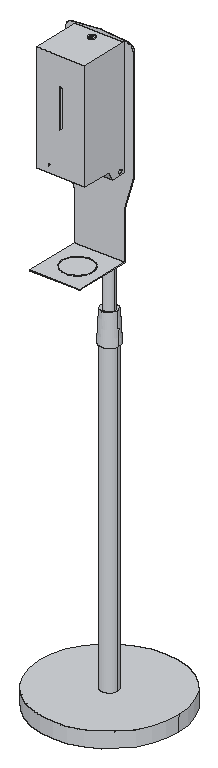
Revit family "AX9497+AX9424-S_0003", category Modèles génériques, Revit 2016
Family settings
  Hôte = Sol
  Type d'élément = Normal
  Peut héberger une armature = Non
  Cote de connecteur circulaire = Utiliser le diamètre
  Basée sur le plan de construction = Non
  Toujours verticalement = Oui
  Couper avec des vides une fois chargée = Non
  Partagée = Non
  Point de calcul de pièce = Non
Parameters
  URL = "https://www.axeuro.com/fr/distributeurs-de-lotion-desinfectante-sur-pied/26187-distributeur-automatique-de-desinfectant-liquide-sur-pied--ax9497ax9424-s.html"
  Type de produit / Type of product = "Distributeur de désinfectant liquide sur pied / Standing liquid disinfectant dispenser"  # constant formula
  Référence / Reference = "AX9497+AX9424-S"  # constant formula
  Entreprise / Company = "Axeuro"  # constant formula
Reference planes
  plane 1 "Centre (avant/arrière)": y = 0
  plane 2: z = 0
  plane 3 "Centre (gauche/droite)": x = 0
Forms (mm)
  Extrusion 1, solid
    sketch origin (162.428, -49.928, 0) x (1, 0, 0) y (0, 1, 0)
      loop
        circle (-162.428, 49.928) r 160
    from 0 to 35
  Extrusion 2, solid
    sketch origin (0, 0, 0) x (1, 0, 0) y (0, 1, 0)
      loop
        circle (0, 0) r 19
    from 35 to 745
  Blend 3, solid
    base sketch origin (0, 0, 880) x (1, 0, 0) y (0, 1, 0)
      loop
        circle (0, 0) r 22.5
    top sketch origin (0, 0, 0) x (1, 0, 0) y (0, 1, 0)
      loop
        circle (0, 0) r 18.456
    from -135 to 815
  Extrusion 4, solid
    sketch origin (0, 0, 0) x (1, 0, 0) y (0, 1, 0)
      loop
        circle (0, 0) r 12.5
    from 815 to 1329.4
  Extrusion 5, solid
    sketch origin (58.525, -26.5, -230.867) x (1, 0, 0) y (0, 0, 1)
      loop
        line (-1.025, 1170.867) -> (-1.025, 1280.867) -> (18.975, 1350.867) -> (18.975, 1610.867)
        arc (18.975, 1610.867) -> (14.581, 1621.473) -> (3.975, 1625.867) r 15
        arc (3.975, 1625.867) -> (-58.525, 1630.867) -> (-121.025, 1625.867) r 393.125
        arc (-121.025, 1625.867) -> (-130.386, 1621.487) -> (-136.025, 1612.828) r 18.831
        line (-136.025, 1612.828) -> (-136.025, 1350.867) -> (-116.025, 1280.867) -> (-116.025, 1170.867) -> (-1.025, 1170.867)
      loop
        arc (-108.525, 1605.867) -> (-111.025, 1603.367) -> (-108.525, 1600.867) r 2.5
        line (-108.525, 1600.867) -> (-88.525, 1600.867)
        arc (-88.525, 1600.867) -> (-86.025, 1603.367) -> (-88.525, 1605.867) r 2.5
        line (-88.525, 1605.867) -> (-108.525, 1605.867)
      loop
        arc (-28.525, 1605.867) -> (-31.025, 1603.367) -> (-28.525, 1600.867) r 2.5
        line (-28.525, 1600.867) -> (-8.525, 1600.867)
        arc (-8.525, 1600.867) -> (-6.025, 1603.367) -> (-8.525, 1605.867) r 2.5
        line (-8.525, 1605.867) -> (-28.525, 1605.867)
      loop
        arc (-108.525, 1531.267) -> (-111.025, 1528.767) -> (-108.525, 1526.267) r 2.5
        line (-108.525, 1526.267) -> (-88.525, 1526.267)
        arc (-88.525, 1526.267) -> (-86.025, 1528.767) -> (-88.525, 1531.267) r 2.5
        line (-88.525, 1531.267) -> (-108.525, 1531.267)
      loop
        arc (-28.525, 1531.267) -> (-31.025, 1528.767) -> (-28.525, 1526.267) r 2.5
        line (-28.525, 1526.267) -> (-8.525, 1526.267)
        arc (-8.525, 1526.267) -> (-6.025, 1528.767) -> (-8.525, 1531.267) r 2.5
        line (-8.525, 1531.267) -> (-28.525, 1531.267)
      loop
        arc (-108.525, 1555.767) -> (-111.025, 1553.267) -> (-108.525, 1550.767) r 2.5
        line (-108.525, 1550.767) -> (-88.525, 1550.767)
        arc (-88.525, 1550.767) -> (-86.025, 1553.267) -> (-88.525, 1555.767) r 2.5
        line (-88.525, 1555.767) -> (-108.525, 1555.767)
      loop
        arc (-28.525, 1555.767) -> (-31.025, 1553.267) -> (-28.525, 1550.767) r 2.5
        line (-28.525, 1550.767) -> (-8.525, 1550.767)
        arc (-8.525, 1550.767) -> (-6.025, 1553.267) -> (-8.525, 1555.767) r 2.5
        line (-8.525, 1555.767) -> (-28.525, 1555.767)
      loop
        circle (-31.525, 1610.367) r 2.5
      loop
        circle (-85.525, 1610.367) r 2.5
    from 0 to 1.496
  Extrusion 6, solid
    sketch origin (-109.482, -92.345, -288.1) x (1, 0, 0) y (0, 1, 0)
      loop
        line (51.982, 65.845) -> (51.982, -64.155) -> (166.982, -64.155) -> (166.982, 65.845) -> (51.982, 65.845)
      loop
        circle (109.482, 0.097) r 35
    from 1228.1 to 1229.6
  Extrusion 7, solid
    sketch origin (0, -26.5, -230.867) x (1, 0, 0) y (0, 1, 0)
      loop
        circle (0, -65.748) r 35
    from 1165.367 to 1172.367
  Extrusion 8, void
    sketch origin (0, -14, 0) x (1, 0, 0) y (0, 0, 1)
      loop
        line (27.5, 1329.4) -> (27.5, 1357.5)
        arc (27.5, 1357.5) -> (0, 1385) -> (-27.5, 1357.5) r 27.5
        line (-27.5, 1357.5) -> (-27.5, 1329.4) -> (27.5, 1329.4)
    from 12.5 to 13.996
  Extrusion 9, solid
    sketch origin (0, 0, -1.496) x (1, 0, 0) y (0, 1, 0)
      loop
        circle (0, 0) r 15
    from 1332.392 to 1336.359
  Extrusion 10, void
    sketch origin (0, -14, -180) x (1, 0, 0) y (0, 0, 1)
      loop
        line (27.5, 1329.4) -> (27.5, 1357.5)
        arc (27.5, 1357.5) -> (0, 1385) -> (-27.5, 1357.5) r 27.5
        line (-27.5, 1357.5) -> (-27.5, 1329.4) -> (27.5, 1329.4)
    from 12.5 to 13.996
  Extrusion 11, solid
    sketch origin (0, -1355.9, 1316.9) x (1, 0, 0) y (0, 1, 0)
      loop
        line (-27.5, 1357.5) -> (-27.5, 1329.4) -> (27.5, 1329.4) -> (27.5, 1357.5)
        arc (27.5, 1357.5) -> (0, 1385) -> (-27.5, 1357.5) r 27.5
    from 12.5 to 13.996
  Extrusion 12, solid
    sketch origin (0, -1355.9, 1136.9) x (1, 0, 0) y (0, 1, 0)
      loop
        line (-27.5, 1357.5) -> (-27.5, 1329.4) -> (27.5, 1329.4) -> (27.5, 1357.5)
        arc (27.5, 1357.5) -> (0, 1385) -> (-27.5, 1357.5) r 27.5
    from 12.5 to 13.996
  Extrusion 13, solid
    sketch origin (-45.053, 118.244, 853) x (-1, 0, 0) y (0, -1, 0)
      loop
        line (-100.053, 146.24) -> (9.947, 146.24) -> (9.947, 256.24) -> (-100.053, 256.24) -> (-100.053, 146.24)
    from 270 to 540
  Extrusion 14, void
    sketch origin (0, 47.004, 853) x (0, -1, 0) y (0, 0, 1)
      loop
        line (105, 270) -> (185, 270) -> (185, 290) -> (117, 290) -> (105, 270)
    from -55 to 55
  Extrusion 15, void
    sketch origin (48.587, 47.004, 880.144) x (-1, 0, 0) y (0, 0, 1)
      loop
        arc (19.087, 496.877) -> (21.587, 488.856) -> (24.087, 496.877) r 4.4
        line (24.087, 496.877) -> (24.087, 499.356)
        arc (24.087, 499.356) -> (21.587, 501.856) -> (19.087, 499.356) r 2.5
        line (19.087, 499.356) -> (19.087, 496.877)
    from -75.849 to -75
  Extrusion 16, void
    sketch origin (-48.587, 47.004, 880.144) x (1, 0, 0) y (0, 0, -1)
      loop
        line (19.087, -496.877) -> (19.087, -499.356)
        arc (19.087, -499.356) -> (21.587, -501.856) -> (24.087, -499.356) r 2.5
        line (24.087, -499.356) -> (24.087, -496.877)
        arc (24.087, -496.877) -> (21.587, -488.856) -> (19.087, -496.877) r 4.4
    from -75.849 to -75
  Extrusion 17, void
    sketch origin (0, 47.004, 846.003) x (1, 0, 0) y (0, 0, -1)
      loop
        circle (-35.5, -398) r 2.5
    from -75.849 to -75
  Extrusion 18, void
    sketch origin (0, 47.004, 846.003) x (-1, 0, 0) y (0, 0, 1)
      loop
        circle (-35.5, 398) r 2.5
    from -75.849 to -75
  Revolve 19, solid
    sketch origin (0, -38.996, 850.447) x (-1, 0, 0) y (0, 0, 1)
      loop
        line (55, 282.053) -> (57, 282.053)
        arc (57, 282.053) -> (56.566, 284.554) -> (55, 286.553) r 5.204
        line (55, 286.553) -> (55, 282.053)
      axis (55, 282.053) -> (57, 282.053)
    angle from 0 to 360
  Revolve 20, solid
    sketch origin (0, -38.996, 850.447) x (1, 0, 0) y (0, 0, -1)
      loop
        line (55, -282.053) -> (55, -286.553)
        arc (55, -286.553) -> (56.566, -284.554) -> (57, -282.053) r 5.204
        line (57, -282.053) -> (55, -282.053)
      axis (55, -282.053) -> (57, -282.053)
    angle from 0 to 360
  Extrusion 21, void
    sketch origin (7.15, -27.996, 841.028) x (-1, 0, 0) y (0, 0, 1)
      loop
        circle (32.65, 319.472) r 2.5
    from -110 to -108.683
  Extrusion 22, solid
    sketch origin (90.696, 91.047, 853) x (-1, 0, 0) y (0, -1, 0)
      loop
        circle (90.696, 141.543) r 7.5
      loop
        circle (90.696, 141.543) r 3.506
    from 540 to 541.5
  Extrusion 23, solid
    sketch origin (0, 50.51, 853) x (-1, 0, 0) y (0, -1, 0)
      loop
        circle (0, 101.006) r 2.421
    from 540 to 541.5
  Extrusion 24, void
    sketch origin (0, 46.995, 853) x (1, 0, 0) y (0, 1, 0)
      loop
        line (-3.922, -97.938) -> (-1.695, -97.938) -> (-1.695, -97.043) -> (-3.922, -97.043) -> (-3.922, -97.938)
    from 540 to 541.5
  Extrusion 25, void
    sketch origin (-104.781, -27.996, 800.178) x (-1, 0, 0) y (0, 0, 1)
      loop
        arc (-100.781, 524.822) -> (-104.781, 528.822) -> (-108.781, 524.822) r 4
        line (-108.781, 524.822) -> (-108.781, 444.822)
        arc (-108.781, 444.822) -> (-104.781, 440.822) -> (-100.781, 444.822) r 4
        line (-100.781, 444.822) -> (-100.781, 524.822)
    from -110 to -108.683
Cuts and joins
  Extrusion 8, Extrusion 10 cuts Extrusion 5
  Extrusion 8, Extrusion 10 cuts Extrusion 6
  joined: Extrusion 5, Extrusion 6, Extrusion 11
  Extrusion 8 cuts Extrusion 4
  Extrusion 10 cuts Extrusion 9
  Extrusion 14, Extrusion 15, Extrusion 16, Extrusion 17, Extrusion 18, Extrusion 21, Extrusion 25 cuts Extrusion 13
  Extrusion 24 cuts Extrusion 22
  Extrusion 24 cuts Extrusion 23
Lines and regions (mm)
  reference lines
    curve 1: line (0, 43.1, 0) -> (0, 29.1, 0)
Dimensions and locks
  aligned and locked: level to plane 2
